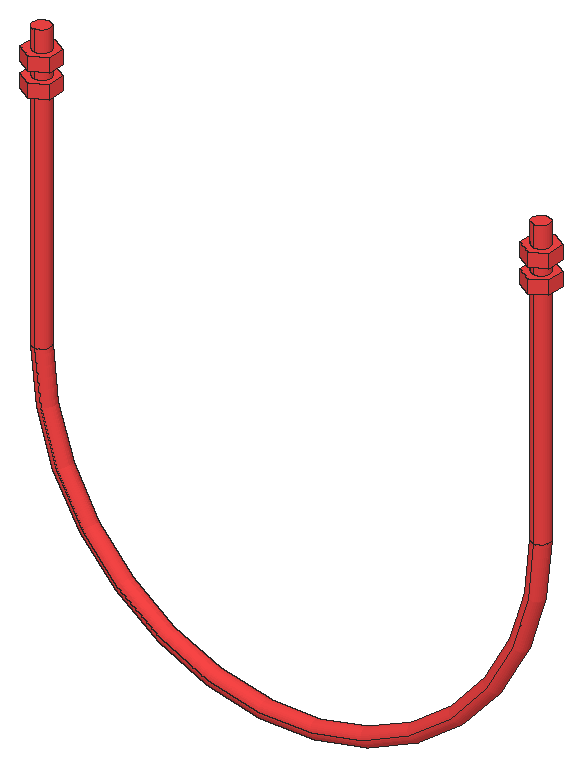
Revit family "U-Bolt Pipe Support", category Pipe Fittings, Revit 2014
Parameters (values of type "450")
  built-in parameter 1114242 [instance] = (empty or 0)
  Spring = none
  Pipe Support = Pipe Support
  Pipe Outside Radius = Pipe OD / 2  # 228.6 mm
  Pipe OD = 457.2 mm
  Pipe Insulation Thick [instance] = 0 mm
  Nominal Radius = Nominal Diameter / 2  # 225 mm
  Nominal Diameter = 450 mm
  Neoprene Pad = Rubber
  built-in parameter 1114238 [instance] = (empty or 0)
  Fasteners = Fasteners
  Dim_E [instance] = Dim_B - (Dim_D / 2)  # 228.6 mm
  Dim_D = 16 mm
  Dim_C = Dim_D * 2  # 32 mm
  Dim_B [instance] = Dim_A / 2  # 236.6 mm
  Dim_A [instance] = Pipe OD + (Pipe Insulation Thick * 2) + Dim_D  # 473.2 mm
  Angle Thk [instance] = 10 mm
  Anchor Nut = Nut : M16
Types (24, lengths in mm): name | Spring | Pipe Outside Radius | Pipe OD | Pipe Insulation Thick | Nominal Radius | Nominal Diameter | Dim_E | Dim_D | Dim_C | Dim_B | Dim_A | Anchor Nut
  1200 | Spring | 645.15 | 1290.3 | 50 | 600 | 1200 | 695.15 | 25 | 50 | 707.65 | 1415.3 | Nut : M25
  600 | none | 304.8 | 609.6 | 50 | 300 | 600 | 354.8 | 16 | 32 | 362.8 | 725.6 | Nut : M16
  300 | none | 161.95 | 323.9 | 50 | 150 | 300 | 211.95 | 16 | 32 | 219.95 | 439.9 | Nut : M16
  100 | none | 57.15 | 114.3 | 50 | 50 | 100 | 107.15 | 12 | 24 | 113.15 | 226.3 | Nut : M12
  150 | none | 84.15 | 168.3 | 50 | 75 | 150 | 134.15 | 12 | 24 | 140.15 | 280.3 | Nut : M12
  200 | none | 109.55 | 219.1 | 0 | 100 | 200 | 109.55 | 16 | 32 | 117.55 | 235.1 | Nut : M16
  250 | none | 136.55 | 273.1 | 50 | 125 | 250 | 186.55 | 16 | 32 | 194.55 | 389.1 | Nut : M16
  350 | none | 177.8 | 355.6 | 50 | 175 | 350 | 227.8 | 16 | 32 | 235.8 | 471.6 | Nut : M16
  400 | none | 203.2 | 406.4 | 50 | 200 | 400 | 253.2 | 16 | 32 | 261.2 | 522.4 | Nut : M16
  450 | none | 228.6 | 457.2 | 0 | 225 | 450 | 228.6 | 16 | 32 | 236.6 | 473.2 | Nut : M16
  500 | none | 254 | 508 | 50 | 250 | 500 | 304 | 16 | 32 | 312 | 624 | Nut : M16
  750 | none | 406.4 | 812.8 | 50 | 375 | 750 | 456.4 | 20 | 40 | 466.4 | 932.8 | Nut : M20
  900 | none | 486.4 | 972.8 | 50 | 450 | 900 | 536.4 | 20 | 40 | 546.4 | 1092.8 | Nut : M20
  1050 | none | 565.15 | 1130.3 | 50 | 525 | 1050 | 615.15 | 25 | 50 | 627.65 | 1255.3 | Nut : M25
  15 | none | 10.65 | 21.3 | 0 | 7.5 | 15 | 10.65 | 6 | 12 | 13.65 | 27.3 | Nut : M6
  20 | none | 13.35 | 26.7 | 25 | 10 | 20 | 38.35 | 6 | 12 | 41.35 | 82.7 | Nut : M6
  25 | none | 16.7 | 33.4 | 25 | 12.5 | 25 | 41.7 | 6 | 12 | 44.7 | 89.4 | Nut : M6
  32 | none | 21.1 | 42.2 | 25 | 16 | 32 | 46.1 | 10 | 20 | 51.1 | 102.2 | Nut : M10
  40 | none | 24.15 | 48.3 | 25 | 20 | 40 | 49.15 | 10 | 20 | 54.15 | 108.3 | Nut : M10
  50 | none | 30.15 | 60.3 | 25 | 25 | 50 | 55.15 | 10 | 20 | 60.15 | 120.3 | Nut : M10
  65 | none | 36.5 | 73 | 25 | 32.5 | 65 | 61.5 | 10 | 20 | 66.5 | 133 | Nut : M10
  80 | none | 44.45 | 88.9 | 25 | 40 | 80 | 69.45 | 12 | 24 | 75.45 | 150.9 | Nut : M12
  90 | none | 50.8 | 101.6 | 25 | 45 | 90 | 75.8 | 12 | 24 | 81.8 | 163.6 | Nut : M12
  125 | none | 70.65 | 141.3 | 50 | 62.5 | 125 | 120.65 | 12 | 24 | 126.65 | 253.3 | Nut : M12
Reference planes
  plane 1 "Center (Front/Back)": y = 0
  plane 2: z = 0
  plane 3 "Center (Left/Right)": x = 0
  plane 4: x = -236.6
  plane 5: x = 236.6
  plane 6: z = 228.6
  plane 7: z = -236.6
  plane 8: z = 238.6
  plane 9: z = 270.6
Forms (mm)
  Sweep 1, solid, material "Fasteners" <- "Fasteners"
    path origin (0, 0, 0) x (1, 0, 0) y (0, 0, 1)
      loop
        line (-236.6, 270.6) -> (-236.6, 0)
        arc (-236.6, 0) -> (0, -236.6) -> (236.6, 0) r 236.6
        line (236.6, 0) -> (236.6, 270.6)
    profile origin (-236.6, 0, 135.3) x (0, -1, 0) y (1, 0, 0)
      loop
        circle (0, 0) r 8
Dimensions and locks
  equal spacing: plane 5, plane 3 "Center (Left/Right)", plane 4
  "Dim_A": plane 5 to plane 4
  "Angle Thk": plane 8 to plane 6
  "Dim_C": plane 9 to plane 8
  "Dim_B": level to plane 7
  "Dim_E": plane 6 to level
  "Dim_D": diameter of Sweep 1 sketch curve
  aligned and locked: plane 4 to nested 1
  aligned and locked: plane 1 "Center (Front/Back)" to nested 1
  aligned and locked: nested 1 to plane 8
  aligned and locked: plane 6 to nested 2
  aligned and locked: plane 4 to nested 2
  aligned and locked: plane 5 to nested 3
  aligned and locked: plane 5 to nested 4
  aligned and locked: plane 6 to nested 4
  aligned and locked: nested 3 to plane 8
Automatic sketch dimensions
  Sweep 1 sketch curve to plane 4 = 0 mm
  Sweep 1 sketch curve to level = 0 mm
  Sweep 1 sketch curve to plane 5 = 0 mm
  Sweep 1 sketch curve to plane 9 = 0 mm  (x2)
  plane 1 "Center (Front/Back)" to Sweep 1 sketch curve = 0 mm
  Sweep 1 sketch curve to profile plane = 0 mm
Nested families
  nested 1: "Nut" at (-236.6, 0, 238.6), type <- "Anchor Nut", type "M16"
  nested 2: "Nut" at (-236.6, 0, 215.8), type <- "Anchor Nut", type "M16"
  nested 3: "Nut" at (236.6, 0, 238.6), type <- "Anchor Nut", type "M16"
  nested 4: "Nut" at (236.6, 0, 215.8), type <- "Anchor Nut", type "M16"
Connectors
  piping at (0, 0, 0), diameter 450, driven by "Nominal Diameter"
    settings: index 1, connector inside diameter 609.6 mm, connector length 0 mm, flow factor 0, pipe flow 0.0 L/s, pressure drop 0.0 Pa, fitting loss kfactor 0, connector angle 0.00°, fixture units 0, engagement length 0 mm, angle of deflection 0.00°, flow configuration 0, flow direction 0, fitting loss method 0, system type 28, joint type 0, gender type 0, connector reference index -1, connector utility 0, adjustable connector no, is connector primary yes, connector description ""
Definition of nested family "Nut"
  Parameters (values of type "M12")
    Fasteners = Fasteners
    Dim_3 = Nut Dia * 1.7321 / 2  # 10.393 mm
    Nut Height = Nut Dia * 0.8  # 9.6 mm
    Nut Dia = 12 mm
  Types (11, lengths in mm): name | Dim_3 | Nut Height | Nut Dia
    M16 | 13.857 | 12.8 | 16
    M20 | 17.321 | 16 | 20
    M32 | 27.714 | 25.6 | 32
    M22 | 19.053 | 17.6 | 22
    M25 | 21.651 | 20 | 25
    M38 | 32.91 | 30.4 | 38
    M44 | 38.106 | 35.2 | 44
    M6 | 5.196 | 4.8 | 6
    M8 | 6.928 | 6.4 | 8
    M10 | 8.661 | 8 | 10
    M12 | 10.393 | 9.6 | 12
  Reference planes
    plane 1 "Center (Front/Back)": y = 0
    plane 2: z = 0
    plane 3 "Center (Left/Right)": x = 0
    plane 4: z = 9.6
    plane 5: z = -60
    plane 6: x = -6
    plane 7: x = 6
    plane 8: z = -58
    plane 9: through (0, 0, 1200) normal (-0.5, 0.866, 0)
    plane 10: through (0, 0, 1200) normal (0.5, 0.866, 0)
    plane 11: y = 12
    plane 12: y = -12
    plane 13: x = -10.393
    plane 14: x = 10.393
  Forms (mm)
    Extrusion 1, solid, material "Fasteners" <- "Fasteners"
      sketch origin (0, 0, 0) x (1, 0, 0) y (0, 1, 0)
        loop
          line (-10.393, -6) -> (0, -12.001) -> (10.393, -6) -> (10.393, 6) -> (0, 12.001) -> (-10.393, 6) -> (-10.393, -6)
        loop
          circle (0, 0) r 6
      from 0 to 9.6
  Dimensions and locks
    "Nut Height": plane 4 to level
    level to plane 5 = 60 mm
    equal spacing: plane 7, plane 3 "Center (Left/Right)", plane 6
    "Nut Dia": plane 7 to plane 6
    plane 8 to plane 5 = 2 mm
    "Nut Dia": plane 1 "Center (Front/Back)" to plane 12
    "Nut Dia": plane 1 "Center (Front/Back)" to plane 11
    "Dim_3": plane 13 to plane 3 "Center (Left/Right)"
    "Dim_3": plane 3 "Center (Left/Right)" to plane 14
    "Nut Dia": diameter of Extrusion 1 sketch curve
    aligned and locked: level to plane 2
    aligned and locked: plane 4 to Extrusion 1
  Automatic sketch dimensions
    Extrusion 1 sketch curve to plane 10 = 0 mm  (x2)
    Extrusion 1 sketch curve to plane 13 = 0 mm
    Extrusion 1 sketch curve to plane 3 "Center (Left/Right)" = 0 mm  (x3)
    plane 1 "Center (Front/Back)" to Extrusion 1 sketch curve = 0 mm
    Extrusion 1 sketch curve to plane 14 = 0 mm
    Extrusion 1 sketch curve to plane 9 = 0 mm  (x2)
    Extrusion 1 sketch curve to plane 12 = 0.001 mm
    plane 11 to Extrusion 1 sketch curve = 0.001 mm
